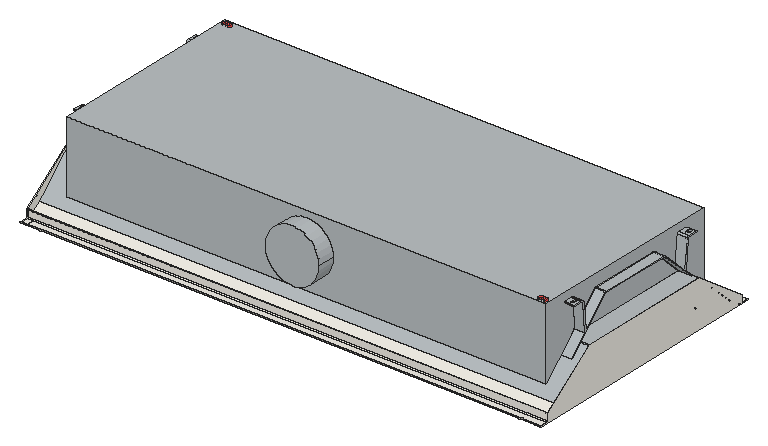
Revit family "NLRS_57_AIR_UN_induction-unit-oknh600_LT_sacs", category Mechanical Equipment, Revit 2020
Family settings
  Round Connector Dimension = Use Diameter
  Classification = None
  Part Type = Normal
  OmniClass Number = 23.75.00.00
  OmniClass Title = Climate Control (HVAC)
  Work Plane-Based = No
  Always vertical = Yes
  Cut with Voids When Loaded = No
  Shared = No
  Room Calculation Point = No
Parameters (values of type "600-1200")
  Type Comments = "Do not mirror the model!"  # constant formula
  SACS_Type_Mark [instance] = ""
  SACS_Standard_Color [instance] = yes
  SACS_Real_Width = 595.00 mm  # constant formula
  SACS_Real_Length [instance] = if(Requested length < SACS_Length_X2, SACS_Length_X2, if(Requested length > 2995.00 mm, 2995.00 mm, Requested length))  # 1195.00 mm
  SACS_Plenum_Offset = 602.00 mm
  SACS_Plenum_L = 1100.00 mm
  SACS_Option_4 [instance] = if([Flow configuration (1-3)] < 2, "2-sided", if([Flow configuration (1-3)] = 2, "1-sided left", "1-sided right"))  # "2-sided"
  SACS_Option_2 [instance] = if(Extravent, "AD", if([Nozzle plate type (1-7)] < 2, "A1", if([Nozzle plate type (1-7)] = 2, "A2", if([Nozzle plate type (1-7)] = 3, "B1", if([Nozzle plate type (1-7)] = 4, "B2", if([Nozzle plate type (1-7)] = 5, "B3", if([Nozzle plate type (1-7)] = 6, "C1", "C2")))))))  # "A1"
  SACS_Model [instance] = size_lookup(SACS_Data_Hidden, "Model", "NB", SACS_Base_Index * 1.00 mm, SACS_Index1, SACS_Index2, SACS_Index3, SACS_Index4, SACS_Real_Width, SACS_Index5, SACS_Index6)  # "OKNH 600/1200 A1K2 LO3O O1O 595x1195 RAL9010-55"
  SACS_Length_X2 = 1195.00 mm
  SACS_Length_X [instance] = if(or(SACS_Base_Index = 2, and(not(Extravent), SACS_Base_Index < 4)), 225.00 mm, 300.00 mm)  # 225.00 mm
  SACS_Length_STD = 1195.00 mm
  SACS_Index6 [instance] = if(SACS_Standard_Color, 1.00 mm, 0.00 mm)  # 1.00 mm
  SACS_Index5 [instance] = if(SACS_Real_Length = SACS_Length_STD, SACS_Length_STD, 0.00 mm)  # 1195.00 mm
  SACS_Index4 [instance] = if([Plenum type (2-3)] < 3, 2.00 mm, 3.00 mm)  # 2.00 mm
  SACS_Index3 [instance] = if([Flow configuration (1-3)] < 2, 1.00 mm, if([Flow configuration (1-3)] = 2, 2.00 mm, 3.00 mm))  # 1.00 mm
  SACS_Index2 [instance] = if([Heat exchanger type (1-3)] < 2, 1.00 mm, if([Heat exchanger type (1-3)] = 2, 2.00 mm, 3.00 mm))  # 1.00 mm
  SACS_Index1 [instance] = if(Extravent, 0.00 mm, if([Nozzle plate type (1-7)] < 2, 1.00 mm, if([Nozzle plate type (1-7)] > 6, 7.00 mm, [Nozzle plate type (1-7)] * 1.00 mm)))  # 1.00 mm
  SACS_Height2 [instance] = if(Extravent, 80.00 mm, 60.00 mm)  # 60.00 mm
  SACS_Height1 = 265.00 mm
  SACS_Flange_Color [instance] = RAL9010
  SACS_Face_Color [instance] = RAL9010 Perforated
  SACS_Dummy = 1  # constant formula
  SACS_Data_Hidden [instance] = "OKNH_600"  # constant formula
  SACS_Custom_Color [instance] = ""
  SACS_Connector_Base_Rotation [instance] = if([Plenum type (2-3)] = 2, 180.00°, 0.00°)  # 180.00°
  SACS_Connection_Side [instance] = if([Plenum type (2-3)] < 3, "L (left)", "R (right)")  # "L (left)"
  SACS_Connecter_Height_Offset [instance] = if(NLRS_M_c01_diameter = 125.00 mm, 129.25 mm, 140.75 mm)  # 129.25 mm
  SACS_Color_Ral [instance] = yes
  SACS_Color [instance] = if(SACS_Standard_Color, "Ral 9010-55", SACS_Custom_Color)  # "Ral 9010-55"
  SACS_Base_Index = 1
  SACS_Article_Code [instance] = size_lookup(SACS_Data_Hidden, "", "NB", SACS_Base_Index * 1.00 mm, SACS_Index1, SACS_Index2, SACS_Index3, SACS_Index4, SACS_Real_Width, SACS_Index5, SACS_Index6)  # "9041000363"
  SA-Select [instance] = "https://selectietool.solid-air.nl/Dashboard/CPMDashPage/Show/6"
  NLRS_P_c04_diameter [instance] = NLRS_P_c03_diameter  # 12.00 mm
  NLRS_P_c03_volumestroom [instance] = 0.0 L/s
  NLRS_P_c03_drukverlies_statisch [instance] = 0.0 Pa
  NLRS_P_c03_diameter [instance] = 12.00 mm  # constant formula
  NLRS_P_c02_diameter [instance] = NLRS_P_c01_diameter  # 12.00 mm
  NLRS_P_c01_volumestroom [instance] = 0.0 L/s
  NLRS_P_c01_drukverlies_statisch [instance] = 0.0 Pa
  NLRS_P_c01_diameter [instance] = if(SACS_Base_Index < 4, 12.00 mm, 15.00 mm)  # 12.00 mm
  NLRS_M_c01_drukverlies_statisch [instance] = 0.0 Pa
  NLRS_M_c01_debiet [instance] = 0.0 L/s
  NLRS_C_model [instance] = SACS_Model  # "OKNH 600/1200 A1K2 LO3O O1O 595x1195 RAL9010-55"
  NLRS_C_materiaal_kleur [instance] = SACS_Color  # "Ral 9010-55"
  NLRS_C_content_versie = "3.20.01"  # constant formula
  NLRS_C_content_provider = "Solid Air Climate Solutions"  # constant formula
  NLRS_C_content_datum_uitgifte = "02-06-2023"  # constant formula
  NLRS_C_content_creator = "J. Feeke"  # constant formula
  Model = "Solid Air Induction Unit OKNH 600"  # constant formula
  Minumum length OKNI [instance] = SACS_Length_X2 * SACS_Dummy  # 1195.00 mm
  Manufacturer = "Solid Air Climate Solutions"  # constant formula
  LoadBearing = 1 = 0  # no
  IfcExportType = "DIFFUSER"  # constant formula
  IfcExportAs = "IfcAirTerminalType"  # constant formula
  IfcDescription = Description  # "Induction unit, Type OKNH 600"
  Heat exchanger type (1-3) [instance] = 1
  Nozzle plate type (1-7) [instance] = 1
  Plenum type (2-3) [instance] = 2
  Flow configuration (1-3) [instance] = 1
  Requested length [instance] = 1195.00 mm
  URL = "https://solid-air.nl/producten/solid-air-inductie-units-okni-450-600/"
  SACS_Option_3 [instance] = if([Heat exchanger type (1-3)] < 2, "K (cooling)", if([Heat exchanger type (1-3)] = 2, "V (cooling & heating)", "O (none)"))  # "K (cooling)"
  SACS_Option_1 [instance] = if(not(Extravent), "Fixed", "Adjustable")  # "Fixed"
  SACS_Diameter [instance] = NLRS_M_c01_diameter - 2.00 mm  # 123.00 mm
  SACS_Checked_Array_Count [instance] = if(SACS_Real_Length / 300.00 mm < 2, 2, SACS_Real_Length / 300.00 mm)  # 4
  NLRS_M_c01_diameter [instance] = if(SACS_Base_Index < 4, 125.00 mm, 160.00 mm)  # 125.00 mm
  FireRating = "00"  # constant formula
  Description = "Induction unit, Type OKNH 600"  # constant formula
  Default Elevation = 0.00 mm
  Ceiling raster width [instance] = SACS_Real_Width + 5.00 mm  # 600.00 mm
  Ceiling raster length [instance] = SACS_Real_Length + 5.00 mm  # 1200.00 mm
  Assembly Code = "57.00"
  Extravent [instance] = no
Types (6, lengths in mm): name | SACS_Real_Length | SACS_Plenum_Offset | SACS_Plenum_L | SACS_Model | SACS_Length_X2 | SACS_Length_X | SACS_Length_STD | SACS_Index5 | SACS_Height1 | SACS_Connecter_Height_Offset | SACS_Base_Index | SACS_Article_Code | NLRS_P_c02_diameter | NLRS_P_c01_diameter | NLRS_C_model | Minumum length OKNI | Requested length | SACS_Diameter | SACS_Checked_Array_Count | NLRS_M_c01_diameter | Ceiling raster length
  (no name) | 1195.00 | 602.00 | 1100.00 | "OKNH 600/1200 A1K2 LO3O O1O 595x1195 RAL9010-55" | 1195.00 | 225.00 | 1195.00 | 1195.00 | 265.00 | 129.25 | 1 | "9041000363" | 12.00 | 12.00 | "OKNH 600/1200 A1K2 LO3O O1O 595x1195 RAL9010-55" | 1195.00 | 1195.00 | 123.00 | 4 | 125.00 | 1200.00
  600-1200 | 1195.00 | 602.00 | 1100.00 | "OKNH 600/1200 A1K2 LO3O O1O 595x1195 RAL9010-55" | 1195.00 | 225.00 | 1195.00 | 1195.00 | 265.00 | 129.25 | 1 | "9041000363" | 12.00 | 12.00 | "OKNH 600/1200 A1K2 LO3O O1O 595x1195 RAL9010-55" | 1195.00 | 1195.00 | 123.00 | 4 | 125.00 | 1200.00
  600-1500 | 1495.00 | 752.00 | 1400.00 | "OKNH 600/1500 A1K2 LO3O O1O 595x1495 RAL9010-55" | 1495.00 | 225.00 | 1495.00 | 1495.00 | 265.00 | 129.25 | 2 | "9041000647" | 12.00 | 12.00 | "OKNH 600/1500 A1K2 LO3O O1O 595x1495 RAL9010-55" | 1495.00 | 1495.00 | 123.00 | 5 | 125.00 | 1500.00
  600-1800 | 1795.00 | 902.00 | 1700.00 | "OKNH 600/1800 A1K2 LO3O O1O 595x1795 RAL9010-55" | 1795.00 | 225.00 | 1795.00 | 1795.00 | 265.00 | 129.25 | 3 | "9041000048" | 12.00 | 12.00 | "OKNH 600/1800 A1K2 LO3O O1O 595x1795 RAL9010-55" | 1795.00 | 1795.00 | 123.00 | 6 | 125.00 | 1800.00
  600-2400 | 2395.00 | 1202.00 | 2300.00 | "OKNH 600/2400 A1K2 LO4O O1O 595x2395 RAL9010-55" | 2395.00 | 300.00 | 2395.00 | 2395.00 | 300.00 | 140.75 | 4 | "9041000064" | 15.00 | 15.00 | "OKNH 600/2400 A1K2 LO4O O1O 595x2395 RAL9010-55" | 2395.00 | 2395.00 | 158.00 | 8 | 160.00 | 2400.00
  600-3000 | 2995.00 | 1502.00 | 2900.00 | "OKNH 600/3000 A1K2 LO4O O1O 595x2995 RAL9010-55" | 2995.00 | 300.00 | 2995.00 | 2995.00 | 340.00 | 140.75 | 5 | "9041000078" | 15.00 | 15.00 | "OKNH 600/3000 A1K2 LO4O O1O 595x2995 RAL9010-55" | 2995.00 | 2995.00 | 158.00 | 10 | 160.00 | 3000.00
Reference planes
  plane 1 "Center (Front/Back)": y = 0
  plane 2: z = 0
  plane 3 "Center (Left/Right)": x = 0
  plane 4 "Grid_Length_Left": x = -600
  plane 5 "Grid_Length_Right": x = 600
  plane 6 "Front": y = -297.5
  plane 7 "Line_Offset": z = 129.25
  plane 8 "Back": y = 297.5
  plane 9: x = -597.5
  plane 10: x = 597.5
  plane 11 "Center_Plenum_X": x = 2
  plane 12 "Grid_Width_Back": y = 300
  plane 13 "Grid_Width_Front": y = -300
  plane 14: x = -548
  plane 15: x = 552
Forms (mm)
  Extrusion 1, solid, material "RAL9010 Perforated" <- "SACS_Face_Color", detail levels medium+fine
    sketch origin (-72.5, 50, 0) x (1, 0, 0) y (0, 1, 0)
      loop
        line (-524, 77.5) -> (-524, -177.5) -> (669, -177.5) -> (669, 77.5) -> (-524, 77.5)
    from 1 to 2
  Extrusion 2, solid, material "Copper", detail levels medium+fine
    sketch origin (0, 0, 0) x (1, 0, 0) y (0, 1, 0)
      loop
        circle (-588.5, 111.5) r 6
      loop
        circle (-588.5, 47.5) r 6
      loop
        circle (-588.5, -47.5) r 6
      loop
        circle (-588.5, -111.5) r 6
    from 106.5 to 151.5
  Sweep 3, solid, material "RAL9010" <- "SACS_Flange_Color", detail levels medium+fine
    path in 3D
      loop
        line (-548, 0, 0) -> (552, 0, 0)
    profile "profile oknh_Side 600 : profile oknh_Side 600" origin (2, 0, 0) x (0, 1, 0) y (0, 0, 1)
      loop
        arc (203.75, 1) -> (204.75, 2) -> (203.75, 3) r 1
        line (203.75, 3) -> (190.825, 3)
        arc (190.825, 3) -> (190.028, 3.166) -> (189.363, 3.636) r 2
        line (189.363, 3.636) -> (129.003, 68.364)
        arc (129.003, 68.364) -> (126.807, 68.861) -> (125.54, 67) r 2
        line (125.54, 67) -> (125.54, 47.3) -> (126.54, 47.3) -> (126.54, 67)
        arc (126.54, 67) -> (127.173, 67.93) -> (128.271, 67.682) r 1
        line (128.271, 67.682) -> (188.631, 2.954)
        arc (188.631, 2.954) -> (189.629, 2.249) -> (190.825, 2) r 3
        line (190.825, 2) -> (126.05, 2) -> (126.05, 1) -> (203.75, 1)
      loop
        arc (-277.505, 0) -> (-276.928, 0.085) -> (-276.4, 0.333) r 2
        line (-276.4, 0.333) -> (-244.272, 21.617) -> (-83.875, 176) -> (83.875, 176) -> (244.272, 21.617) -> (276.4, 0.333)
        arc (276.4, 0.333) -> (276.928, 0.085) -> (277.505, 0) r 2
        line (277.505, 0) -> (296.7, 0)
        arc (296.7, 0) -> (297.5, 0.8) -> (296.7, 1.6) r 0.8
        line (296.7, 1.6) -> (279.7, 1.6)
        arc (279.7, 1.6) -> (278.286, 2.186) -> (277.7, 3.6) r 2
        line (277.7, 3.6) -> (277.7, 19) -> (276.7, 19) -> (276.7, 3.6)
        arc (276.7, 3.6) -> (277.103, 2.098) -> (278.203, 1) r 3
        line (278.203, 1) -> (277.203, 1) -> (244.9, 22.4) -> (226.212, 40.387) -> (84.859, 176.441)
        arc (84.859, 176.441) -> (84.22, 176.855) -> (83.472, 177) r 2
        line (83.472, 177) -> (-83.472, 177)
        arc (-83.472, 177) -> (-84.22, 176.855) -> (-84.859, 176.441) r 2
        line (-84.859, 176.441) -> (-226.212, 40.387) -> (-244.9, 22.4) -> (-277.203, 1) -> (-278.203, 1)
        arc (-278.203, 1) -> (-277.103, 2.098) -> (-276.7, 3.6) r 3
        line (-276.7, 3.6) -> (-276.7, 19) -> (-277.7, 19) -> (-277.7, 3.6)
        arc (-277.7, 3.6) -> (-278.286, 2.186) -> (-279.7, 1.6) r 2
        line (-279.7, 1.6) -> (-296.7, 1.6)
        arc (-296.7, 1.6) -> (-297.5, 0.8) -> (-296.7, 0) r 0.8
        line (-296.7, 0) -> (-277.505, 0)
      loop
        line (-203.75, 1) -> (-126.05, 1) -> (-126.05, 2) -> (-190.825, 2)
        arc (-190.825, 2) -> (-189.629, 2.249) -> (-188.631, 2.954) r 3
        line (-188.631, 2.954) -> (-128.271, 67.682)
        arc (-128.271, 67.682) -> (-127.173, 67.93) -> (-126.54, 67) r 1
        line (-126.54, 67) -> (-126.54, 47.3) -> (-125.54, 47.3) -> (-125.54, 67)
        arc (-125.54, 67) -> (-126.807, 68.861) -> (-129.003, 68.364) r 2
        line (-129.003, 68.364) -> (-189.363, 3.636)
        arc (-189.363, 3.636) -> (-190.028, 3.166) -> (-190.825, 3) r 2
        line (-190.825, 3) -> (-203.75, 3)
        arc (-203.75, 3) -> (-204.75, 2) -> (-203.75, 1) r 1
  Extrusion 4, solid, material "NLRS_57_sendzimir verzinkt_gen_sacs", detail levels medium+fine
    sketch origin (2, -226.5, 129.25) x (1, 0, 0) y (0, 0, 1)
      loop
        circle (0, 0.066) r 61.5
    from 0 to 40
  Sweep 5, solid, material "RAL9010" <- "SACS_Flange_Color", detail levels medium+fine
    path in 3D
      loop
        line (-597.5, 0, 0) -> (-548, 0, 0)
    profile "profile oknh_Side 600-2 : profile oknh_Side 600-2" origin (-572.75, 0, 0) x (0, 1, 0) y (0, 0, 1)
      loop
        arc (203.75, 1) -> (204.75, 2) -> (203.75, 3) r 1
        line (203.75, 3) -> (190.825, 3)
        arc (190.825, 3) -> (190.028, 3.166) -> (189.363, 3.636) r 2
        line (189.363, 3.636) -> (129.003, 68.364)
        arc (129.003, 68.364) -> (126.807, 68.861) -> (125.54, 67) r 2
        line (125.54, 67) -> (125.54, 47.3) -> (126.54, 47.3) -> (126.54, 67)
        arc (126.54, 67) -> (127.173, 67.93) -> (128.271, 67.682) r 1
        line (128.271, 67.682) -> (188.631, 2.954)
        arc (188.631, 2.954) -> (189.629, 2.249) -> (190.825, 2) r 3
        line (190.825, 2) -> (126.05, 2) -> (126.05, 1) -> (203.75, 1)
      loop
        arc (-277.505, 0) -> (-276.928, 0.085) -> (-276.4, 0.333) r 2
        line (-276.4, 0.333) -> (-244.272, 21.617) -> (-157.121, 105.5) -> (157.121, 105.5) -> (244.272, 21.617) -> (276.4, 0.333)
        arc (276.4, 0.333) -> (276.928, 0.085) -> (277.505, 0) r 2
        line (277.505, 0) -> (296.7, 0)
        arc (296.7, 0) -> (297.5, 0.8) -> (296.7, 1.6) r 0.8
        line (296.7, 1.6) -> (279.7, 1.6)
        arc (279.7, 1.6) -> (278.286, 2.186) -> (277.7, 3.6) r 2
        line (277.7, 3.6) -> (277.7, 19) -> (276.7, 19) -> (276.7, 3.6)
        arc (276.7, 3.6) -> (277.103, 2.098) -> (278.203, 1) r 3
        line (278.203, 1) -> (277.203, 1) -> (244.9, 22.4) -> (158.105, 105.941)
        arc (158.105, 105.941) -> (157.466, 106.355) -> (156.718, 106.5) r 2
        line (156.718, 106.5) -> (-156.718, 106.5)
        arc (-156.718, 106.5) -> (-157.466, 106.355) -> (-158.105, 105.941) r 2
        line (-158.105, 105.941) -> (-244.9, 22.4) -> (-277.203, 1) -> (-278.203, 1)
        arc (-278.203, 1) -> (-277.103, 2.098) -> (-276.7, 3.6) r 3
        line (-276.7, 3.6) -> (-276.7, 19) -> (-277.7, 19) -> (-277.7, 3.6)
        arc (-277.7, 3.6) -> (-278.286, 2.186) -> (-279.7, 1.6) r 2
        line (-279.7, 1.6) -> (-296.7, 1.6)
        arc (-296.7, 1.6) -> (-297.5, 0.8) -> (-296.7, 0) r 0.8
        line (-296.7, 0) -> (-277.505, 0)
      loop
        line (-203.75, 1) -> (-126.05, 1) -> (-126.05, 2) -> (-190.825, 2)
        arc (-190.825, 2) -> (-189.629, 2.249) -> (-188.631, 2.954) r 3
        line (-188.631, 2.954) -> (-128.271, 67.682)
        arc (-128.271, 67.682) -> (-127.173, 67.93) -> (-126.54, 67) r 1
        line (-126.54, 67) -> (-126.54, 47.3) -> (-125.54, 47.3) -> (-125.54, 67)
        arc (-125.54, 67) -> (-126.807, 68.861) -> (-129.003, 68.364) r 2
        line (-129.003, 68.364) -> (-189.363, 3.636)
        arc (-189.363, 3.636) -> (-190.028, 3.166) -> (-190.825, 3) r 2
        line (-190.825, 3) -> (-203.75, 3)
        arc (-203.75, 3) -> (-204.75, 2) -> (-203.75, 1) r 1
  Sweep 6, solid, material "RAL9010" <- "SACS_Flange_Color", detail levels medium+fine
    path in 3D
      loop
        line (552, 0, 0) -> (597.5, 0, 0)
    profile "profile oknh_Side 600-2 : profile oknh_Side 600-2" origin (574.75, 0, 0) x (0, 1, 0) y (0, 0, 1)
      loop
        arc (203.75, 1) -> (204.75, 2) -> (203.75, 3) r 1
        line (203.75, 3) -> (190.825, 3)
        arc (190.825, 3) -> (190.028, 3.166) -> (189.363, 3.636) r 2
        line (189.363, 3.636) -> (129.003, 68.364)
        arc (129.003, 68.364) -> (126.807, 68.861) -> (125.54, 67) r 2
        line (125.54, 67) -> (125.54, 47.3) -> (126.54, 47.3) -> (126.54, 67)
        arc (126.54, 67) -> (127.173, 67.93) -> (128.271, 67.682) r 1
        line (128.271, 67.682) -> (188.631, 2.954)
        arc (188.631, 2.954) -> (189.629, 2.249) -> (190.825, 2) r 3
        line (190.825, 2) -> (126.05, 2) -> (126.05, 1) -> (203.75, 1)
      loop
        arc (-277.505, 0) -> (-276.928, 0.085) -> (-276.4, 0.333) r 2
        line (-276.4, 0.333) -> (-244.272, 21.617) -> (-157.121, 105.5) -> (157.121, 105.5) -> (244.272, 21.617) -> (276.4, 0.333)
        arc (276.4, 0.333) -> (276.928, 0.085) -> (277.505, 0) r 2
        line (277.505, 0) -> (296.7, 0)
        arc (296.7, 0) -> (297.5, 0.8) -> (296.7, 1.6) r 0.8
        line (296.7, 1.6) -> (279.7, 1.6)
        arc (279.7, 1.6) -> (278.286, 2.186) -> (277.7, 3.6) r 2
        line (277.7, 3.6) -> (277.7, 19) -> (276.7, 19) -> (276.7, 3.6)
        arc (276.7, 3.6) -> (277.103, 2.098) -> (278.203, 1) r 3
        line (278.203, 1) -> (277.203, 1) -> (244.9, 22.4) -> (158.105, 105.941)
        arc (158.105, 105.941) -> (157.466, 106.355) -> (156.718, 106.5) r 2
        line (156.718, 106.5) -> (-156.718, 106.5)
        arc (-156.718, 106.5) -> (-157.466, 106.355) -> (-158.105, 105.941) r 2
        line (-158.105, 105.941) -> (-244.9, 22.4) -> (-277.203, 1) -> (-278.203, 1)
        arc (-278.203, 1) -> (-277.103, 2.098) -> (-276.7, 3.6) r 3
        line (-276.7, 3.6) -> (-276.7, 19) -> (-277.7, 19) -> (-277.7, 3.6)
        arc (-277.7, 3.6) -> (-278.286, 2.186) -> (-279.7, 1.6) r 2
        line (-279.7, 1.6) -> (-296.7, 1.6)
        arc (-296.7, 1.6) -> (-297.5, 0.8) -> (-296.7, 0) r 0.8
        line (-296.7, 0) -> (-277.505, 0)
      loop
        line (-203.75, 1) -> (-126.05, 1) -> (-126.05, 2) -> (-190.825, 2)
        arc (-190.825, 2) -> (-189.629, 2.249) -> (-188.631, 2.954) r 3
        line (-188.631, 2.954) -> (-128.271, 67.682)
        arc (-128.271, 67.682) -> (-127.173, 67.93) -> (-126.54, 67) r 1
        line (-126.54, 67) -> (-126.54, 47.3) -> (-125.54, 47.3) -> (-125.54, 67)
        arc (-125.54, 67) -> (-126.807, 68.861) -> (-129.003, 68.364) r 2
        line (-129.003, 68.364) -> (-189.363, 3.636)
        arc (-189.363, 3.636) -> (-190.028, 3.166) -> (-190.825, 3) r 2
        line (-190.825, 3) -> (-203.75, 3)
        arc (-203.75, 3) -> (-204.75, 2) -> (-203.75, 1) r 1
  Sweep 7, solid, material "NLRS_57_sendzimir verzinkt_gen_sacs"
    path in 3D
      loop
        line (-548, 0, 0) -> (552, 0, 0)
    profile "profile oknh_Plenum : profile oknh_Plenum" origin (2, 0, 0) x (0, 1, 0) y (0, 0, 1)
      loop
        line (-226.5, 205) -> (-226.5, 40.11) -> (-158.105, 105.941)
        arc (-158.105, 105.941) -> (-157.466, 106.355) -> (-156.718, 106.5) r 2
        line (-156.718, 106.5) -> (156.718, 106.5)
        arc (156.718, 106.5) -> (157.466, 106.355) -> (158.105, 105.941) r 2
        line (158.105, 105.941) -> (226.5, 40.11) -> (226.5, 205) -> (-226.5, 205)
Cuts and joins
  joined: Sweep 3, Sweep 5, Sweep 6
Lines and regions (mm)
  model lines, style "MechanicalEquipmentHiddenLines", not visible
    curve 1: line (-548, 0, 0) -> (552, 0, 0)
    curve 4: line (-597.5, 0, 0) -> (-548, 0, 0)
    curve 6: line (552, 0, 0) -> (597.5, 0, 0)
  sketch lines
    curve 2: line (-548, 0, 0) -> (552, 0, 0)
    curve 5: line (-597.5, 0, 0) -> (-548, 0, 0)
    curve 7: line (552, 0, 0) -> (597.5, 0, 0)
    curve 8: line (-548, 0, 0) -> (552, 0, 0)
  reference lines
    curve 3: line (2, 0, 129.25) -> (2, -226.5, 129.25)
Dimensions and locks
  "SACS_Connecter_Height_Offset": plane 7 "Line_Offset" to level
  equal spacing: Extrusion 2 sketch curve, plane 1 "Center (Front/Back)", Extrusion 2 sketch curve  (x2)
  locked: Extrusion 2 sketch curve to Extrusion 2 sketch curve at 95
  locked: plane 4 "Grid_Length_Left" to Extrusion 2 sketch curve at 11.5  (x4)
  locked: Extrusion 2 sketch curve to Extrusion 2 sketch curve at 223
  locked: plane 1 "Center (Front/Back)" to Extrusion 1 sketch curve at 127.5  (x2)
  locked: Extrusion 1 sketch curve to plane 5 "Grid_Length_Right" at 3.5
  locked: plane 4 "Grid_Length_Left" to Extrusion 1 sketch curve at 3.5
  equal spacing: plane 4 "Grid_Length_Left", plane 3 "Center (Left/Right)", plane 5 "Grid_Length_Right"
  "Ceiling raster length": plane 4 "Grid_Length_Left" to plane 5 "Grid_Length_Right"
  locked: plane 4 "Grid_Length_Left" to plane 9 at 2.5
  locked: plane 10 to plane 5 "Grid_Length_Right" at 2.5
  "SACS_Plenum_Offset": plane 4 "Grid_Length_Left" to plane 11 "Center_Plenum_X"
  locked: curve 3 to curve 3 at 226.5
  locked: curve 3 to plane 7 "Line_Offset"
  locked: curve 3 to plane 1 "Center (Front/Back)"
  equal spacing: plane 12 "Grid_Width_Back", plane 1 "Center (Front/Back)", plane 13 "Grid_Width_Front"
  "Ceiling raster width": plane 12 "Grid_Width_Back" to plane 13 "Grid_Width_Front"
  locked: plane 12 "Grid_Width_Back" to plane 8 "Back" at 2.5
  locked: plane 6 "Front" to plane 13 "Grid_Width_Front" at 2.5
  equal spacing: plane 14, plane 11 "Center_Plenum_X", plane 15
  "SACS_Plenum_L": plane 14 to plane 15
  Sweep 7 to Sweep 7 = 453.00 mm
  locked: plane 14 to nested 2 at 15
  locked: nested 3 to plane 15 at 15
  locked: plane 12 "Grid_Width_Back" to nested 2 at 85
  locked: nested 3 to plane 13 "Grid_Width_Front" at 85
  Sweep 7 to level = 205.00 mm
  cut or joined group of Sweep 3, Sweep 5, Sweep 6 to Sweep 7 = 70.50 mm
  "NLRS_P_c01_diameter": diameter of Extrusion 2 sketch curve  (x2)
  "NLRS_P_c03_diameter": diameter of Extrusion 2 sketch curve  (x2)
  "SACS_Diameter": diameter of Extrusion 4 sketch curve
  "SACS_Connector_Base_Rotation": angle curve 3 to plane 7 "Line_Offset"
  aligned and locked: level to plane 2
  aligned and locked: plane 3 "Center (Left/Right)" to nested 1
  aligned and locked: nested 1 to plane 1 "Center (Front/Back)"
  aligned and locked: plane 14 to curve 4
  aligned and locked: plane 9 to curve 4
  aligned and locked: plane 15 to curve 6
  aligned and locked: plane 10 to curve 6
  aligned and locked: plane 10 to nested 4
  aligned and locked: nested 5 to plane 9
  aligned and locked: plane 14 to nested 6
  aligned and locked: nested 7 to plane 15
Automatic sketch dimensions
  plane 1 "Center (Front/Back)" to curve 1 = 0.00 mm
  Extrusion 4 sketch curve to plane 11 "Center_Plenum_X" = 0.00 mm
  plane 7 "Line_Offset" to Extrusion 4 sketch curve = 0.066 mm
Nested families
  nested 1: "Supply_Arrows_OKNI" at (0, 0, 0) x (0, 1, 0) z (0, 0, 1), type "Supply_Arrows_OKNI"
  nested 2: "logo_single" at (-533, 215, 205), type "logo_single", detail levels medium+fine
  nested 3: "logo_single" at (537, -215, 205), type "logo_single", detail levels medium+fine
  nested 4: "oknh_Sideplate" at (597.5, 0, 0), type "oknh_Sideplate"
  nested 5: "oknh_Sideplate" at (-597.5, 0, 0) x (-1, 0, 0) z (0, 0, 1), type "oknh_Sideplate"
  nested 6: "oknh_hanger" at (-548, 0, 0), type "oknh_hanger"
  nested 7: "oknh_hanger" at (552, 0, 0) x (-1, 0, 0) z (0, 0, 1), type "oknh_hanger"
Connectors
  hvac at (2, -226.5, 129.316), driven by "NLRS_M_c01_diameter", driven by "NLRS_M_c01_drukverlies_statisch", driven by "NLRS_M_c01_debiet"
    settings: on Extrusion 4, index 1, duct flow 0.0 L/s, flow factor 0, pres drop 0.0 Pa, loss coef 0, conn angle 0.00°, conn width 304.8 mm, conn height 304.8 mm, conn diameter 125 mm, duct sys type 1, conn prof type 0, flow config 1, flow direction 1, loss method 4, conn ref index -1, conn util no, is conn primary yes, conn desc ""
  piping at (-588.5, 47.5, 151.5), diameter 12, driven by "NLRS_P_c01_diameter", driven by "NLRS_P_c01_volumestroom", driven by "NLRS_P_c01_drukverlies_statisch"
    settings: on Extrusion 2, index 2, connector inside diameter 609.6 mm, connector length 0.00 mm, flow factor 0, pipe flow 0.0 L/s, pressure drop 0.0 Pa, fitting loss kfactor 0, connector angle 0.00°, fixture units 0, engagement length 0.00 mm, angle of deflection 0.00°, flow configuration 1, flow direction 0, fitting loss method 4, system type 29, joint type 0, gender type 0, connector reference index -1, connector utility 0, adjustable connector no, is connector primary yes, connector description "Heating"
  piping at (-588.5, -47.5, 151.5), diameter 12, driven by "NLRS_P_c01_diameter", driven by "NLRS_P_c01_volumestroom", driven by "NLRS_P_c01_drukverlies_statisch"
    settings: on Extrusion 2, index 3, connector inside diameter 609.6 mm, connector length 0.00 mm, flow factor 0, pipe flow 0.0 L/s, pressure drop 0.0 Pa, fitting loss kfactor 0, connector angle 0.00°, fixture units 0, engagement length 0.00 mm, angle of deflection 0.00°, flow configuration 1, flow direction 0, fitting loss method 4, system type 29, joint type 0, gender type 0, connector reference index -1, connector utility 0, adjustable connector no, is connector primary no, connector description "Heating"
  piping at (-588.5, 111.5, 151.5), diameter 12, driven by "NLRS_P_c03_diameter", driven by "NLRS_P_c03_volumestroom", driven by "NLRS_P_c03_drukverlies_statisch"
    settings: on Extrusion 2, index 4, connector inside diameter 609.6 mm, connector length 0.00 mm, flow factor 0, pipe flow 0.0 L/s, pressure drop 0.0 Pa, fitting loss kfactor 0, connector angle 0.00°, fixture units 0, engagement length 0.00 mm, angle of deflection 0.00°, flow configuration 1, flow direction 0, fitting loss method 4, system type 29, joint type 0, gender type 0, connector reference index -1, connector utility 0, adjustable connector no, is connector primary no, connector description "Cooling"
  piping at (-588.5, -111.5, 151.5), diameter 12, driven by "NLRS_P_c03_diameter", driven by "NLRS_P_c03_volumestroom", driven by "NLRS_P_c03_drukverlies_statisch"
    settings: on Extrusion 2, index 5, connector inside diameter 609.6 mm, connector length 0.00 mm, flow factor 0, pipe flow 0.0 L/s, pressure drop 0.0 Pa, fitting loss kfactor 0, connector angle 0.00°, fixture units 0, engagement length 0.00 mm, angle of deflection 0.00°, flow configuration 1, flow direction 0, fitting loss method 4, system type 29, joint type 0, gender type 0, connector reference index -1, connector utility 0, adjustable connector no, is connector primary no, connector description "Cooling"
Definition of nested family "logo_single"
  Parameters (values of type "logo_single")
    t = 5.00 mm
    Model = "LOD 400"
    Description = "Model type"
    Default Elevation = 1219.20 mm
  Reference planes
    plane 1 "Center (Front/Back)": y = 0
    plane 2: z = 0
    plane 3 "Center (Left/Right)": x = 0
    plane 4: z = 2
    plane 5: x = -10
    plane 6: y = -5
    plane 7: y = 5
    plane 8: x = -5
    plane 9: x = 5
    plane 10: x = 10
  Forms (mm)
    Extrusion 1, solid
      sketch origin (-547.644, -297.937, 0) x (1, 0, 0) y (0, 1, 0)
        loop
          arc (542.644, 302.937) -> (537.644, 297.937) -> (542.644, 292.937) r 5
          line (542.644, 292.937) -> (542.644, 297.937) -> (547.644, 292.937) -> (547.644, 297.937) -> (542.644, 302.937)
      from 0 to 2
    Extrusion 2, solid
      sketch origin (0, 0, 0) x (1, 0, 0) y (0, 1, 0)
        loop
          arc (5, -5) -> (10, 0) -> (5, 5) r 5
          line (5, 5) -> (5, 0) -> (0, 5) -> (0, 0) -> (5, -5)
      from 0 to 2
  Dimensions and locks
    "t": plane 7 to plane 1 "Center (Front/Back)"
    "t": plane 6 to plane 1 "Center (Front/Back)"
    "t": plane 5 to plane 8
    "t": plane 8 to plane 3 "Center (Left/Right)"
    "t": plane 3 "Center (Left/Right)" to plane 9
    "t": plane 9 to plane 10
    aligned and locked: level to plane 2
    aligned and locked: plane 4 to Extrusion 1
  Automatic sketch dimensions
    plane 1 "Center (Front/Back)" to Extrusion 1 sketch curve = 0.00 mm  (x3)
    Extrusion 1 sketch curve to plane 8 = 0.00 mm
    Extrusion 1 sketch curve to plane 7 = 0.00 mm
    Extrusion 1 sketch curve to plane 3 "Center (Left/Right)" = 0.00 mm
    Extrusion 1 sketch curve to plane 6 = 0.00 mm
    Extrusion 2 sketch curve to plane 3 "Center (Left/Right)" = 0.00 mm
    plane 1 "Center (Front/Back)" to Extrusion 2 sketch curve = 0.00 mm  (x3)
    Extrusion 2 sketch curve to plane 6 = 0.00 mm
    Extrusion 2 sketch curve to plane 9 = 0.00 mm
    Extrusion 2 sketch curve to plane 7 = 0.00 mm
Definition of nested family "oknh_Sideplate"
  Parameters (values of type "Oknh_Sideplate")
    x2 = 595.00 mm / 2  # 297.50 mm
    material = none
    Type_400 = yes
    Default Elevation = 0.00 mm
  Reference planes
    plane 1 "Center (Front/Back)": y = 0
    plane 2: z = 0
    plane 3 "Center (Left/Right)": x = 0
  Forms (mm)
    Extrusion 1, solid, material <- "material"
      sketch origin (0, 0, 0) x (1, 0, 0) y (0, 1, 0)
        loop
          line (-13.8, 297.5) -> (-13.8, -297.5) -> (0, -297.5) -> (0, 297.5) -> (-13.8, 297.5)
      from 0 to 1
    Extrusion 2, solid, material <- "material"
      sketch origin (0, 0, 0) x (0, 1, 0) y (0, 0, 1)
        loop
          line (-296.7, 0) -> (296.7, 0)
          arc (296.7, 0) -> (297.5, 0.8) -> (296.7, 1.6) r 0.8
          line (296.7, 1.6) -> (279.7, 1.6)
          arc (279.7, 1.6) -> (278.286, 2.186) -> (277.7, 3.6) r 2
          line (277.7, 3.6) -> (277.7, 19) -> (157.524, 106.5) -> (-157.524, 106.5) -> (-277.7, 19) -> (-277.7, 3.6)
          arc (-277.7, 3.6) -> (-278.286, 2.186) -> (-279.7, 1.6) r 2
          line (-279.7, 1.6) -> (-296.7, 1.6)
          arc (-296.7, 1.6) -> (-297.5, 0.8) -> (-296.7, 0) r 0.8
      from 0 to 1
  Dimensions and locks
    "x2": plane 1 "Center (Front/Back)" to Extrusion 1 sketch curve
    "x2": Extrusion 1 sketch curve to plane 1 "Center (Front/Back)"
    locked: Extrusion 1 sketch curve to plane 3 "Center (Left/Right)" at 13.8
    aligned and locked: level to plane 2
  Automatic sketch dimensions
    Extrusion 2 sketch curve to level = 0.00 mm
    level to Extrusion 2 sketch curve = 1.60 mm  (x2)
    plane 1 "Center (Front/Back)" to Extrusion 2 sketch curve = 296.70 mm
    Extrusion 2 sketch curve to Extrusion 2 sketch curve = 17.00 mm  (x2)
    Extrusion 2 sketch curve to Extrusion 2 sketch curve = 2.00 mm  (x2)
    level to Extrusion 2 sketch curve = 19.00 mm
    Extrusion 2 sketch curve to plane 1 "Center (Front/Back)" = 277.70 mm
    Extrusion 2 sketch curve to Extrusion 2 sketch curve = 15.40 mm
    Extrusion 2 sketch curve to Extrusion 2 sketch curve = 120.176 mm  (x2)
    level to Extrusion 2 sketch curve = 106.50 mm
    Extrusion 1 sketch curve to plane 3 "Center (Left/Right)" = 0.00 mm
Definition of nested family "oknh_hanger"
  Parameters (values of type "Family1")
    g = 25.00 mm
    Default Elevation = 0.00 mm
  Reference planes
    plane 1 "Center (Front/Back)": y = 0
    plane 2: z = 0
    plane 3 "Center (Left/Right)": x = 0
  Forms (mm)
    Extrusion 1, solid
      sketch origin (-600, 0, -490) x (0, 1, 0) y (0, 0, 1)
        loop
          line (183.186, 571.8) -> (144.33, 609.2) -> (151.236, 674.909)
          arc (151.236, 674.909) -> (151.887, 676.186) -> (153.225, 676.7) r 2
          line (153.225, 676.7) -> (175.5, 676.7) -> (175.5, 678.7) -> (153.225, 678.7)
          arc (153.225, 678.7) -> (150.548, 677.673) -> (149.247, 675.118) r 4
          line (149.247, 675.118) -> (142.503, 610.958) -> (84.859, 666.441)
          arc (84.859, 666.441) -> (84.22, 666.855) -> (83.472, 667) r 2
          line (83.472, 667) -> (-83.472, 667)
          arc (-83.472, 667) -> (-84.22, 666.855) -> (-84.859, 666.441) r 2
          line (-84.859, 666.441) -> (-142.503, 610.958) -> (-149.247, 675.118)
          arc (-149.247, 675.118) -> (-150.548, 677.673) -> (-153.225, 678.7) r 4
          line (-153.225, 678.7) -> (-175.5, 678.7) -> (-175.5, 676.7) -> (-153.225, 676.7)
          arc (-153.225, 676.7) -> (-151.887, 676.186) -> (-151.236, 674.909) r 2
          line (-151.236, 674.909) -> (-144.33, 609.2) -> (-183.186, 571.8) -> (-181.744, 571.8) -> (-83.875, 666) -> (83.875, 666) -> (181.744, 571.8) -> (183.186, 571.8)
      from 575 to 600
    Extrusion 2, void
      sketch origin (-7, 0, 0) x (1, 0, 0) y (0, 1, 0)
        loop
          arc (-13, 163.5) -> (-9, 159.5) -> (-5, 163.5) r 4
          line (-5, 163.5) -> (-5, 167.5)
          arc (-5, 167.5) -> (-9, 171.5) -> (-13, 167.5) r 4
          line (-13, 167.5) -> (-13, 163.5)
        loop
          arc (-13, -167.5) -> (-9, -171.5) -> (-5, -167.5) r 4
          line (-5, -167.5) -> (-5, -163.5)
          arc (-5, -163.5) -> (-9, -159.5) -> (-13, -163.5) r 4
          line (-13, -163.5) -> (-13, -167.5)
      from 186.7 to 188.7
  Cuts and joins
    Extrusion 2 cuts Extrusion 1
  Dimensions and locks
    aligned and locked: level to plane 2
    aligned and locked: plane 3 "Center (Left/Right)" to Extrusion 1
Definition of nested family "Supply_Arrows_OKNI"
  Parameters (values of type "Supply_Arrows_OKNI")
    Width = 295.00 mm
    Right = not(Flow Type = 2)  # yes
    Offset = (Length - ((Count - 1) * 300.00 mm)) / 2  # 147.50 mm
    Length = 1195.00 mm
    Left = Flow Type < 3  # yes
    Flow Type = 1
    Enabled = yes
    Count = rounddown((Length - 150.00 mm) / 300.00 mm) + 1  # 4
  Reference planes
    plane 1 "Center (Front/Back)": y = 0
    plane 2: z = 0
    plane 3 "Center (Left/Right)": x = 0
    plane 4: y = 597.5
    plane 5: y = 0
    plane 6: y = -597.5
    plane 7: x = 0
    plane 8: y = 0
    plane 9 "left": x = -147.5
    plane 10 "right": x = 147.5
  Lines and regions (mm)
    detail lines, in view "Ref. Level", detail levels coarse
      curve 1: line (147.5, 597.5, 0) -> (-147.5, 597.5, 0)
      curve 2: line (147.5, -597.5, 0) -> (147.5, 597.5, 0)
      curve 3: line (-147.5, -597.5, 0) -> (147.5, -597.5, 0)
      curve 4: line (-147.5, 597.5, 0) -> (-147.5, -597.5, 0)
      curve 5: line (-147.5, 597.5, 0) -> (147.5, -597.5, 0)
      curve 6: line (147.5, 597.5, 0) -> (-147.5, -597.5, 0)
  Dimensions and locks
    locked: plane 3 "Center (Left/Right)" to plane 7
    equal spacing: plane 4, plane 1 "Center (Front/Back)", plane 6
    "Length": plane 4 to plane 6
    equal spacing: plane 9 "left", plane 3 "Center (Left/Right)", plane 10 "right"
    "Width": plane 9 "left" to plane 10 "right"
    locked: plane 10 "right" to nested 1 at 25
    locked: nested 2 to plane 9 "left" at 25
    "Offset": nested 1 to plane 6
    equal spacing: group 1, group 2, group 3, group 4  (x3)
    locked: nested 1 to nested 3 at 300
    locked: plane 10 "right" to nested 3 at 25
    "Offset": nested 2 to plane 6
    equal spacing: group 5, group 6, group 7, group 8  (x3)
    locked: nested 6 to nested 2 at 300
    locked: nested 6 to plane 9 "left" at 25
    aligned and locked: plane 4 to curve 1
    aligned and locked: curve 3 to plane 6
    aligned and locked: curve 4 to plane 9 "left"
    aligned and locked: plane 6 to curve 2
    aligned and locked: plane 10 "right" to curve 2
  Nested families
    nested 1: "Arrow" at (172.5, -450, 0), visible <- "Right", type "Arrow", in view "Ref. Level"
    nested 2: "Arrow" at (-172.5, -450, 0) x (-1, 0, 0) z (0, 0, 1), visible <- "Left", type "Arrow", in view "Ref. Level"
    nested 3: "Arrow" at (172.5, -150, 0), visible <- "Right", type "Arrow", in view "Ref. Level"
    nested 4: "Arrow" at (172.5, 150, 0), visible <- "Right", type "Arrow", in view "Ref. Level"
    nested 5: "Arrow" at (172.5, 450, 0), visible <- "Right", type "Arrow", in view "Ref. Level"
    nested 6: "Arrow" at (-172.5, -150, 0) x (-1, 0, 0) z (0, 0, 1), visible <- "Left", type "Arrow", in view "Ref. Level"
    nested 7: "Arrow" at (-172.5, 150, 0) x (-1, 0, 0) z (0, 0, 1), visible <- "Left", type "Arrow", in view "Ref. Level"
    nested 8: "Arrow" at (-172.5, 450, 0) x (-1, 0, 0) z (0, 0, 1), visible <- "Left", type "Arrow", in view "Ref. Level"
  Definition of nested family "Arrow"
    Parameters (values of type "Arrow")
      Offset = 400.00 mm
      Arrow_Length = 175.00 mm  # constant formula
    Reference planes
      plane 1 "Center (Front/Back)": y = 0
      plane 2: z = 0
      plane 3 "Center (Left/Right)": x = 0
      plane 4: x = 175
      plane 5: y = 0
      plane 6: x = 175
      plane 7: x = 0
      plane 8: y = 0
    Lines and regions (mm)
      Filled region 1, type "Solid Fill - Black", in view "Ref. Level"
        outline origin (0, 0, 0) x (0, -1, 0) y (1, 0, 0)
          loop
            line (0, 175) -> (-21.131, 129.685) -> (21.131, 129.685) -> (0, 175)
      detail lines, in view "Ref. Level"
        curve 1: line (0, 0, 0) -> (152.343, 0, 0)
    Dimensions and locks
      locked: plane 3 "Center (Left/Right)" to plane 7
      locked: plane 8 to plane 1 "Center (Front/Back)" at 0
      locked: Filled region 1 sketch curve to Filled region 1 sketch curve at 50  (x2)
      "Arrow_Length": plane 3 "Center (Left/Right)" to plane 6
      locked: Filled region 1 sketch curve to curve 1 (angle 25.00°)
      locked: curve 1 to Filled region 1 sketch curve (angle 25.00°)
    Automatic sketch dimensions
      plane 1 "Center (Front/Back)" to Filled region 1 sketch curve = 0.00 mm
      Filled region 1 sketch curve to plane 4 = 45.315 mm
      plane 1 "Center (Front/Back)" to curve 1 = 0.00 mm
      curve 1 to plane 3 "Center (Left/Right)" = 0.00 mm
      curve 1 to plane 4 = 22.657 mm
